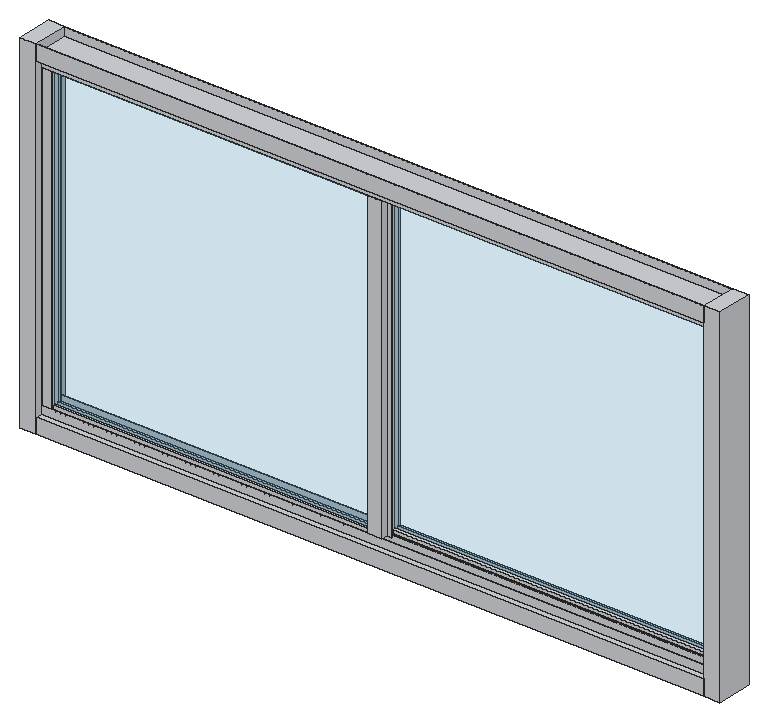
Revit family "MT-VMS_DB-SG_XX", category Windows, host Wall, Revit 2017 (continued)
Definition of nested family "VMS_DB-SG_OX_76mm"
  Definition of nested family "VMS_DB-SG_GLAZED PANEL"
    Definition of nested family "VMS_VM66_SILL DETAIL_FINE"
      Lines and regions (mm)
        model lines, in view "Ref. Level"
          curve 123: line (2.889, 26.412, 0) -> (3.233, 26.412, 0)
          curve 124: line (3.423, 26.672, 0) -> (3.121, 27.632, 0)
          curve 125: line (2.739, 27.912, 0) -> (0.8, 27.912, 0)
          curve 126: line (0, 27.112, 0) -> (0, 25.735, 0)
          curve 127: line (0, 13.679, 0) -> (0, 5.9, 0)
          curve 128: line (0.8, 5.9, 0) -> (0.8, 6.8, 0)
          curve 129: line (0.8, 6.8, 0) -> (2.1, 6.8, 0)
          curve 130: line (2.1, 6.8, 0) -> (2.1, 1.2, 0)
          curve 131: line (2.1, 1.2, 0) -> (0.8, 1.2, 0)
          curve 132: line (0.8, 1.2, 0) -> (0.8, 2.1, 0)
          curve 133: line (0, 2.1, 0) -> (0, 0.5, 0)
          curve 134: line (0.5, 0, 0) -> (3, 0, 0)
          curve 135: line (3.3, 0.3, 0) -> (3.3, 4.7, 0)
          curve 136: line (3.6, 5, 0) -> (10.176, 5, 0)
          curve 137: line (10.476, 4.7, 0) -> (10.476, 3.6, 0)
          curve 138: line (10.176, 3.3, 0) -> (9.692, 3.3, 0)
          curve 139: line (9.392, 3, 0) -> (9.392, 1.5, 0)
          curve 140: line (9.092, 1.2, 0) -> (7.692, 1.2, 0)
          curve 141: line (7.392, 0.9, 0) -> (7.392, 0.3, 0)
          curve 142: line (7.692, 0, 0) -> (11.548, 0, 0)
          curve 143: line (13.065, 4.124, 0) -> (12.513, 3.976, 0)
          curve 144: line (12.513, 3.976, 0) -> (12.365, 4.529, 0)
          curve 145: line (11.996, 5.14, 0) -> (11.576, 5.6, 0)
          curve 146: line (11.576, 5.6, 0) -> (11.996, 6.06, 0)
          curve 147: line (11.992, 7.426, 0) -> (11.154, 7.426, 0)
          curve 148: line (10.261, 6.2, 0) -> (3.6, 6.2, 0)
          curve 149: line (3.3, 6.5, 0) -> (3.3, 8, 0)
          curve 150: line (3.1, 8.2, 0) -> (1.4, 8.2, 0)
          curve 151: line (1.2, 8.4, 0) -> (1.2, 12.312, 0)
          curve 152: line (1.4, 12.512, 0) -> (25.5, 12.512, 0)
          curve 153: line (25.7, 12.312, 0) -> (25.7, 8.4, 0)
          curve 154: line (25.5, 8.2, 0) -> (23.8, 8.2, 0)
          curve 155: line (23.6, 8, 0) -> (23.6, 6.5, 0)
          curve 156: line (23.3, 6.2, 0) -> (16.639, 6.2, 0)
          curve 157: line (15.746, 7.426, 0) -> (14.908, 7.426, 0)
          curve 158: line (14.904, 6.06, 0) -> (15.324, 5.6, 0)
          curve 159: line (15.324, 5.6, 0) -> (14.904, 5.14, 0)
          curve 160: line (14.535, 4.529, 0) -> (14.387, 3.976, 0)
          curve 161: line (14.387, 3.976, 0) -> (13.835, 4.124, 0)
    Definition of nested family "VMS_VM66_SILL DETAIL_MEDIUM"
      Reference planes
        plane 1 "Center (Front/Back)": y = 0
        plane 2: z = 0
        plane 3 "Center (Left/Right)": x = 0
      Lines and regions (mm)
        model lines, in view "Ref. Level"
          curve 1: line (1.2, 5, 0) -> (25.7, 5, 0)
          curve 2: line (0, 0, 0) -> (26.9, 0, 0)
          curve 3: line (25.7, 1.2, 0) -> (1.2, 1.2, 0)
          curve 4: line (26.9, 0, 0) -> (26.9, 27.912, 0)
          curve 5: line (26.9, 27.912, 0) -> (25.7, 27.912, 0)
          curve 6: line (25.7, 13.912, 0) -> (1.2, 13.912, 0)
          curve 7: line (1.2, 27.912, 0) -> (0, 27.912, 0)
          curve 8: line (0, 27.112, 0) -> (0, 25.735, 0)
          curve 9: line (0, 27.912, 0) -> (0, 0, 0)
          curve 10: line (1.2, 1.2, 0) -> (1.2, 5, 0)
          curve 11: line (1.2, 12.512, 0) -> (25.7, 12.512, 0)
          curve 12: line (25.7, 27.912, 0) -> (25.7, 13.912, 0)
          curve 13: line (25.7, 6.2, 0) -> (1.2, 6.2, 0)
          curve 14: line (1.2, 13.912, 0) -> (1.2, 27.912, 0)
          curve 15: line (25.7, 12.512, 0) -> (25.7, 6.2, 0)
          curve 16: line (25.7, 5, 0) -> (25.7, 1.2, 0)
          curve 17: line (1.2, 6.2, 0) -> (1.2, 12.512, 0)
  Definition of nested family "VMS_VM11_SILL DETAIL_FINE"
    Reference planes
      plane 1 "Center (Front/Back)": y = 0
      plane 2: z = 0
      plane 3 "Center (Left/Right)": x = 0
    Lines and regions (mm)
      model lines, in view "Ref. Level"
        curve 1: arc (-6.776, -5.512, 0) -> (-6.841, -5.609, 0) -> (-6.864, -5.724, 0) r 0.3
        curve 2: arc (-5.466, -8.225, 0) -> (-5.192, -8.5, 0) -> (-4.817, -8.6, 0) r 0.75
        curve 3: arc (-4.817, -8.6, 0) -> (-4.167, -8.225, 0) -> (-4.167, -7.475, 0) r 0.75
        curve 4: arc (-4.864, -2.2, 0) -> (-4.571, -1.493, 0) -> (-3.864, -1.2, 0) r 1
        curve 5: arc (5.464, -1.2, 0) -> (6.171, -1.493, 0) -> (6.464, -2.2, 0) r 1
        curve 6: arc (5.767, -7.475, 0) -> (5.767, -8.225, 0) -> (6.417, -8.6, 0) r 0.75
        curve 7: arc (6.417, -8.6, 0) -> (6.792, -8.5, 0) -> (7.066, -8.225, 0) r 0.75
        curve 8: arc (8.464, -5.724, 0) -> (8.441, -5.609, 0) -> (8.376, -5.512, 0) r 0.3
        curve 9: arc (8.864, -2.1, 0) -> (8.951, -2.312, 0) -> (9.164, -2.4, 0) r 0.3
        curve 10: arc (9.55, -2.4, 0) -> (9.904, -2.254, 0) -> (10.05, -1.9, 0) r 0.5
        curve 11: arc (33.2, 0, 0) -> (33.412, 0.088, 0) -> (33.5, 0.3, 0) r 0.3
        curve 12: arc (33.5, 29.412, 0) -> (33.412, 29.624, 0) -> (33.2, 29.712, 0) r 0.3
        curve 13: arc (31.8, 29.712, 0) -> (31.588, 29.624, 0) -> (31.5, 29.412, 0) r 0.3
        curve 14: arc (31.5, 2.1, 0) -> (31.412, 1.888, 0) -> (31.2, 1.8, 0) r 0.3
        curve 15: arc (8.85, 1.8, 0) -> (8.638, 1.712, 0) -> (8.55, 1.5, 0) r 0.3
        curve 16: arc (8.55, 0.3, 0) -> (8.462, 0.088, 0) -> (8.25, 0, 0) r 0.3
        curve 17: arc (1.9, 0, 0) -> (1.688, 0.088, 0) -> (1.6, 0.3, 0) r 0.3
        curve 18: arc (1.6, 29.412, 0) -> (1.512, 29.624, 0) -> (1.3, 29.712, 0) r 0.3
        curve 19: arc (0.3, 29.712, 0) -> (0.088, 29.624, 0) -> (0, 29.412, 0) r 0.3
        curve 20: arc (0, 0.3, 0) -> (-0.088, 0.088, 0) -> (-0.3, 0, 0) r 0.3
        curve 21: arc (-8.15, 0, 0) -> (-8.362, -0.088, 0) -> (-8.45, -0.3, 0) r 0.3
        curve 22: arc (-8.45, -1.9, 0) -> (-8.304, -2.254, 0) -> (-7.95, -2.4, 0) r 0.5
        curve 23: arc (-7.564, -2.4, 0) -> (-7.351, -2.312, 0) -> (-7.264, -2.1, 0) r 0.3
        curve 24: line (-7.264, -2.1, 0) -> (-7.264, -1.5, 0)
        curve 25: line (-7.264, -1.5, 0) -> (-6.364, -1.5, 0)
        curve 26: line (-6.364, -1.5, 0) -> (-6.364, -5.1, 0)
        curve 27: line (-6.364, -5.1, 0) -> (-6.776, -5.512, 0)
        curve 28: line (-6.823, -5.874, 0) -> (-5.466, -8.225, 0)
        curve 29: line (-4.167, -7.475, 0) -> (-4.864, -6.269, 0)
        curve 30: line (-4.864, -6.269, 0) -> (-4.864, -2.2, 0)
        curve 31: line (-3.864, -1.2, 0) -> (5.464, -1.2, 0)
        curve 32: line (6.464, -2.2, 0) -> (6.464, -6.269, 0)
        curve 33: line (6.464, -6.269, 0) -> (5.767, -7.475, 0)
        curve 34: line (7.066, -8.225, 0) -> (8.423, -5.874, 0)
        curve 35: line (8.376, -5.512, 0) -> (7.964, -5.1, 0)
        curve 36: line (7.964, -5.1, 0) -> (7.964, -1.2, 0)
        curve 37: line (7.964, -1.2, 0) -> (8.864, -1.2, 0)
        curve 38: line (8.864, -1.2, 0) -> (8.864, -2.1, 0)
        curve 39: line (9.164, -2.4, 0) -> (9.55, -2.4, 0)
        curve 40: line (10.05, -1.9, 0) -> (10.05, 0, 0)
        curve 41: line (10.05, 0, 0) -> (33.2, 0, 0)
        curve 42: line (33.5, 0.3, 0) -> (33.5, 29.412, 0)
        curve 43: line (33.2, 29.712, 0) -> (31.8, 29.712, 0)
        curve 44: line (31.5, 29.412, 0) -> (31.5, 2.1, 0)
        curve 45: line (31.2, 1.8, 0) -> (8.85, 1.8, 0)
        curve 46: line (8.55, 1.5, 0) -> (8.55, 0.3, 0)
        curve 47: line (8.25, 0, 0) -> (1.9, 0, 0)
        curve 48: line (1.6, 0.3, 0) -> (1.6, 29.412, 0)
        curve 49: line (1.3, 29.712, 0) -> (0.3, 29.712, 0)
        curve 50: line (0, 29.412, 0) -> (0, 0.3, 0)
        curve 51: line (-0.3, 0, 0) -> (-8.15, 0, 0)
        curve 52: line (-8.45, -0.3, 0) -> (-8.45, -1.9, 0)
        curve 53: line (-7.95, -2.4, 0) -> (-7.564, -2.4, 0)
  Definition of nested family "MAIN FRAME 76MM_MEDIUM"
    Reference planes
      plane 1 "Center (Front/Back)": y = 0
      plane 2: z = 0
      plane 3 "Center (Left/Right)": x = 0
    Lines and regions (mm)
      detail lines, in view "Ref. Level"
        curve 1: line (0, 0, 0) -> (35, 0, 0)
        curve 2: line (35, 0, 0) -> (35, -76, 0)
        curve 3: line (35, -76, 0) -> (0, -76, 0)
        curve 4: line (0, 0, 0) -> (0, -1.8, 0)
        curve 5: line (0, -1.8, 0) -> (33.2, -1.8, 0)
        curve 6: line (33.2, -74.2, 0) -> (33.2, -1.8, 0)
        curve 7: line (0, -74.2, 0) -> (33.2, -74.2, 0)
        curve 8: line (0, -74.2, 0) -> (0, -76, 0)
  Definition of nested family "AS1C CAVITY MAIN FRAME"
    Reference planes
      plane 1 "Center (Front/Back)": y = 0
      plane 2: z = 0
      plane 3 "Center (Left/Right)": x = 0
    Lines and regions (mm)
      detail lines, in view "Ref. Level"
        curve 1: arc (-35, -73.2, 0) -> (-34.922, -73.041, 0) -> (-34.748, -73.007, 0) r 0.2
        curve 2: arc (-33.3, -70.8, 0) -> (-32.55, -70.05, 0) -> (-31.8, -70.8, 0) r 0.75
        curve 3: arc (-1.5, -66.578, 0) -> (-1.654, -66.316, 0) -> (-1.957, -66.322, 0) r 0.3
        curve 4: arc (-1.957, -66.322, 0) -> (-4.423, -66.877, 0) -> (-6.71, -65.804, 0) r 3.9
        curve 5: arc (-6.71, -65.804, 0) -> (-6.731, -64.567, 0) -> (-5.494, -64.546, 0) r 0.875
        curve 6: arc (-5.494, -64.546, 0) -> (-3.836, -65.144, 0) -> (-2.288, -64.3, 0) r 2.15
        curve 7: arc (-2.288, -61.7, 0) -> (-3.836, -60.856, 0) -> (-5.494, -61.454, 0) r 2.15
        curve 8: arc (-5.494, -61.454, 0) -> (-6.731, -61.433, 0) -> (-6.71, -60.196, 0) r 0.875
        curve 9: arc (-6.71, -60.196, 0) -> (-4.423, -59.123, 0) -> (-1.957, -59.678, 0) r 3.9
        curve 10: arc (-1.957, -59.678, 0) -> (-1.654, -59.684, 0) -> (-1.5, -59.422, 0) r 0.3
        curve 11: arc (-1.5, -53.73, 0) -> (-1.851, -52.695, 0) -> (-2.76, -52.088, 0) r 1.7
        curve 12: arc (-18.84, -47.78, 0) -> (-19.749, -47.172, 0) -> (-20.1, -46.138, 0) r 1.7
        curve 13: arc (-20.1, -29.862, 0) -> (-19.749, -28.827, 0) -> (-18.84, -28.22, 0) r 1.7
        curve 14: arc (-2.76, -23.912, 0) -> (-1.851, -23.304, 0) -> (-1.5, -22.27, 0) r 1.7
        curve 15: arc (-1.5, -16.578, 0) -> (-1.654, -16.316, 0) -> (-1.957, -16.322, 0) r 0.3
        curve 16: arc (-1.957, -16.322, 0) -> (-4.423, -16.877, 0) -> (-6.71, -15.804, 0) r 3.9
        curve 17: arc (-6.71, -15.804, 0) -> (-6.731, -14.567, 0) -> (-5.494, -14.546, 0) r 0.875
        curve 18: arc (-5.494, -14.546, 0) -> (-3.836, -15.144, 0) -> (-2.288, -14.3, 0) r 2.15
        curve 19: arc (-2.288, -11.7, 0) -> (-3.836, -10.856, 0) -> (-5.494, -11.454, 0) r 2.15
        curve 20: arc (-5.494, -11.454, 0) -> (-6.731, -11.433, 0) -> (-6.71, -10.196, 0) r 0.875
        curve 21: arc (-6.71, -10.196, 0) -> (-4.423, -9.123, 0) -> (-1.957, -9.678, 0) r 3.9
        curve 22: arc (-1.957, -9.678, 0) -> (-1.654, -9.684, 0) -> (-1.5, -9.422, 0) r 0.3
        curve 23: arc (-31.8, -5.2, 0) -> (-32.55, -5.95, 0) -> (-33.3, -5.2, 0) r 0.75
        curve 24: arc (-34.748, -2.993, 0) -> (-34.922, -2.959, 0) -> (-35, -2.8, 0) r 0.2
        curve 25: arc (-35, -0.4, 0) -> (-34.883, -0.117, 0) -> (-34.6, 0, 0) r 0.4
        curve 26: arc (-0.4, 0, 0) -> (-0.117, -0.117, 0) -> (0, -0.4, 0) r 0.4
        curve 27: arc (0, -28.2, 0) -> (-0.117, -28.483, 0) -> (-0.4, -28.6, 0) r 0.4
        curve 28: arc (-2.4, -29.868, 0) -> (-2.483, -30.111, 0) -> (-2.696, -30.254, 0) r 0.4
        curve 29: arc (-4.496, -30.736, 0) -> (-4.895, -30.62, 0) -> (-4.976, -30.213, 0) r 0.4
        curve 30: arc (-3.605, -26.446, 0) -> (-3.686, -26.039, 0) -> (-4.084, -25.923, 0) r 0.4
        curve 31: arc (-10.184, -27.557, 0) -> (-10.372, -27.709, 0) -> (-10.388, -27.95, 0) r 0.3
        curve 32: arc (-9.417, -30.619, 0) -> (-9.417, -30.755, 0) -> (-9.504, -30.86, 0) r 0.2
        curve 33: arc (-9.7, -30.973, 0) -> (-9.9, -30.973, 0) -> (-10, -30.8, 0) r 0.2
        curve 34: arc (-10, -30.747, 0) -> (-10.059, -30.606, 0) -> (-10.2, -30.547, 0) r 0.2
        curve 35: arc (-11.438, -30.547, 0) -> (-11.528, -30.526, 0) -> (-11.599, -30.466, 0) r 0.2
        curve 36: arc (-11.599, -30.466, 0) -> (-11.806, -30.087, 0) -> (-11.9, -29.664, 0) r 1.549
        curve 37: arc (-11.9, -28.408, 0) -> (-12.017, -28.17, 0) -> (-12.278, -28.118, 0) r 0.3
        curve 38: arc (-12.278, -47.882, 0) -> (-12.017, -47.83, 0) -> (-11.9, -47.592, 0) r 0.3
        curve 39: arc (-11.9, -46.336, 0) -> (-11.806, -45.913, 0) -> (-11.599, -45.533, 0) r 1.549
        curve 40: arc (-11.599, -45.533, 0) -> (-11.528, -45.474, 0) -> (-11.438, -45.453, 0) r 0.2
        curve 41: arc (-10.2, -45.453, 0) -> (-10.059, -45.394, 0) -> (-10, -45.253, 0) r 0.2
        curve 42: arc (-10, -45.2, 0) -> (-9.9, -45.027, 0) -> (-9.7, -45.027, 0) r 0.2
        curve 43: arc (-9.504, -45.14, 0) -> (-9.417, -45.244, 0) -> (-9.417, -45.381, 0) r 0.2
        curve 44: arc (-10.388, -48.05, 0) -> (-10.372, -48.291, 0) -> (-10.184, -48.443, 0) r 0.3
        curve 45: arc (-4.084, -50.077, 0) -> (-3.686, -49.961, 0) -> (-3.605, -49.554, 0) r 0.4
        curve 46: arc (-4.976, -45.787, 0) -> (-4.895, -45.38, 0) -> (-4.496, -45.264, 0) r 0.4
        curve 47: arc (-2.696, -45.746, 0) -> (-2.483, -45.889, 0) -> (-2.4, -46.132, 0) r 0.4
        curve 48: arc (-0.4, -47.4, 0) -> (-0.117, -47.517, 0) -> (0, -47.8, 0) r 0.4
        curve 49: arc (0, -75.6, 0) -> (-0.117, -75.883, 0) -> (-0.4, -76, 0) r 0.4
        curve 50: arc (-34.6, -76, 0) -> (-34.883, -75.883, 0) -> (-35, -75.6, 0) r 0.4
        curve 51: line (-34.748, -73.007, 0) -> (-33.3, -73.395, 0)
        curve 52: line (-33.3, -73.395, 0) -> (-33.3, -70.8, 0)
        curve 53: line (-31.8, -70.8, 0) -> (-31.8, -74.5, 0)
        curve 54: line (-31.8, -74.5, 0) -> (-1.5, -74.5, 0)
        curve 55: line (-1.5, -74.5, 0) -> (-1.5, -66.578, 0)
        curve 56: line (-2.288, -64.3, 0) -> (-1.5, -64.3, 0)
        curve 57: line (-1.5, -64.3, 0) -> (-1.5, -63, 0)
        curve 58: line (-1.5, -63, 0) -> (-1.5, -61.7, 0)
        curve 59: line (-1.5, -61.7, 0) -> (-2.288, -61.7, 0)
        curve 60: line (-1.5, -59.422, 0) -> (-1.5, -53.73, 0)
        curve 61: line (-2.76, -52.088, 0) -> (-18.84, -47.78, 0)
        curve 62: line (-20.1, -46.138, 0) -> (-20.1, -29.862, 0)
        curve 63: line (-18.84, -28.22, 0) -> (-2.76, -23.912, 0)
        curve 64: line (-1.5, -22.27, 0) -> (-1.5, -16.578, 0)
        curve 65: line (-2.288, -14.3, 0) -> (-1.5, -14.3, 0)
        curve 66: line (-1.5, -14.3, 0) -> (-1.5, -13, 0)
        curve 67: line (-1.5, -13, 0) -> (-1.5, -11.7, 0)
        curve 68: line (-1.5, -11.7, 0) -> (-2.288, -11.7, 0)
        curve 69: line (-1.5, -9.422, 0) -> (-1.5, -1.5, 0)
        curve 70: line (-1.5, -1.5, 0) -> (-31.8, -1.5, 0)
        curve 71: line (-31.8, -1.5, 0) -> (-31.8, -5.2, 0)
        curve 72: line (-33.3, -5.2, 0) -> (-33.3, -2.605, 0)
        curve 73: line (-33.3, -2.605, 0) -> (-34.748, -2.993, 0)
        curve 74: line (-35, -2.8, 0) -> (-35, -0.4, 0)
        curve 75: line (-34.6, 0, 0) -> (-0.4, 0, 0)
        curve 76: line (0, -0.4, 0) -> (0, -28.2, 0)
        curve 77: line (-0.4, -28.6, 0) -> (-2.4, -28.6, 0)
        curve 78: line (-2.4, -28.6, 0) -> (-2.4, -29.868, 0)
        curve 79: line (-2.696, -30.254, 0) -> (-4.496, -30.736, 0)
        curve 80: line (-4.976, -30.213, 0) -> (-3.605, -26.446, 0)
        curve 81: line (-4.084, -25.923, 0) -> (-10.184, -27.557, 0)
        curve 82: line (-10.388, -27.95, 0) -> (-9.417, -30.619, 0)
        curve 83: line (-9.504, -30.86, 0) -> (-9.7, -30.973, 0)
        curve 84: line (-10.2, -30.547, 0) -> (-11.438, -30.547, 0)
        curve 85: line (-11.9, -29.664, 0) -> (-11.9, -28.408, 0)
        curve 86: line (-12.278, -28.118, 0) -> (-18.5, -29.786, 0)
        curve 87: line (-18.5, -29.786, 0) -> (-18.5, -46.214, 0)
        curve 88: line (-18.5, -46.214, 0) -> (-12.278, -47.882, 0)
        curve 89: line (-11.9, -47.592, 0) -> (-11.9, -46.336, 0)
        curve 90: line (-11.438, -45.453, 0) -> (-10.2, -45.453, 0)
        curve 91: line (-9.7, -45.027, 0) -> (-9.504, -45.14, 0)
        curve 92: line (-9.417, -45.381, 0) -> (-10.388, -48.05, 0)
        curve 93: line (-10.184, -48.443, 0) -> (-4.084, -50.077, 0)
        curve 94: line (-3.605, -49.554, 0) -> (-4.976, -45.787, 0)
        curve 95: line (-4.496, -45.264, 0) -> (-2.696, -45.746, 0)
        curve 96: line (-2.4, -46.132, 0) -> (-2.4, -47.4, 0)
        curve 97: line (-2.4, -47.4, 0) -> (-0.4, -47.4, 0)
        curve 98: line (0, -47.8, 0) -> (0, -75.6, 0)
        curve 99: line (-0.4, -76, 0) -> (-34.6, -76, 0)
        curve 100: line (-35, -75.6, 0) -> (-35, -73.2, 0)
  Definition of nested family "VMS_VM8_HEAD DETAIL_MEDIUM"
    Reference planes
      plane 1 "Center (Front/Back)": y = 0
      plane 2: z = 0
      plane 3 "Center (Left/Right)": x = 0
    Lines and regions (mm)
      detail lines, in view "Ref. Level"
        curve 1: line (0, 0, 0) -> (0, -35, 0)
        curve 2: line (1.5, -14.5, 0) -> (74.5, -14.5, 0)
        curve 3: line (74.5, -14.5, 0) -> (74.5, 0, 0)
        curve 4: line (0, 0, 0) -> (1.5, 0, 0)
        curve 5: line (76, 0, 0) -> (76, -35, 0)
        curve 6: line (76, -35, 0) -> (70.5, -35, 0)
        curve 7: line (70.5, -35, 0) -> (70.5, -59, 0)
        curve 8: line (68.7, -59, 0) -> (68.7, -33.2, 0)
        curve 9: line (68.7, -33.2, 0) -> (74.2, -33.2, 0)
        curve 10: line (74.2, -33.2, 0) -> (74.2, -16.1, 0)
        curve 11: line (74.2, -16.1, 0) -> (38.8, -16.1, 0)
        curve 12: line (38.8, -16.1, 0) -> (38.8, -59, 0)
        curve 13: line (70.5, -59, 0) -> (68.7, -59, 0)
        curve 14: line (37.2, -59, 0) -> (37.2, -16.1, 0)
        curve 15: line (1.8, -16.1, 0) -> (1.8, -33.2, 0)
        curve 16: line (1.8, -33.2, 0) -> (7.3, -33.2, 0)
        curve 17: line (7.3, -33.2, 0) -> (7.3, -59, 0)
        curve 18: line (7.3, -59, 0) -> (5.5, -59, 0)
        curve 19: line (5.5, -59, 0) -> (5.5, -35, 0)
        curve 20: line (5.5, -35, 0) -> (0, -35, 0)
        curve 21: line (1.5, 0, 0) -> (1.5, -14.5, 0)
        curve 22: line (74.5, 0, 0) -> (76, 0, 0)
        curve 23: line (38.8, -59, 0) -> (37.2, -59, 0)
        curve 24: line (37.2, -16.1, 0) -> (1.8, -16.1, 0)
  Definition of nested family "VMS_VM8_HEAD DETAIL_FINE"
    Reference planes
      plane 1 "Center (Front/Back)": y = 0
      plane 2: z = 0
      plane 3 "Center (Left/Right)": x = 0
    Lines and regions (mm)
      model lines, in view "Ref. Level"
        curve 1: arc (9.146, -8.957, 0) -> (9.504, -8.091, 0) -> (10.37, -7.732, 0) r 1.224
        curve 2: arc (10.877, -7.732, 0) -> (11.54, -8.402, 0) -> (11.326, -9.319, 0) r 0.974
        curve 3: arc (11.326, -9.319, 0) -> (11.131, -9.63, 0) -> (10.993, -9.97, 0) r 2.1
        curve 4: arc (10.993, -11.204, 0) -> (11.181, -11.637, 0) -> (11.462, -12.017, 0) r 2.1
        curve 5: arc (12.531, -12.634, 0) -> (13, -12.687, 0) -> (13.469, -12.634, 0) r 2.1
        curve 6: arc (14.538, -12.017, 0) -> (14.819, -11.637, 0) -> (15.007, -11.204, 0) r 2.1
        curve 7: arc (15.007, -9.97, 0) -> (14.869, -9.63, 0) -> (14.674, -9.319, 0) r 2.1
        curve 8: arc (14.674, -9.319, 0) -> (14.46, -8.402, 0) -> (15.123, -7.732, 0) r 0.974
        curve 9: arc (15.63, -7.732, 0) -> (16.496, -8.091, 0) -> (16.854, -8.957, 0) r 1.224
        curve 10: arc (16.854, -11.635, 0) -> (16.306, -12.829, 0) -> (15.399, -13.78, 0) r 3.994
        curve 11: arc (15.399, -13.78, 0) -> (15.26, -14.227, 0) -> (15.64, -14.5, 0) r 0.4
        curve 12: arc (60.746, -14.5, 0) -> (61.007, -14.348, 0) -> (61.003, -14.046, 0) r 0.3
        curve 13: arc (61.003, -14.046, 0) -> (59.836, -13.025, 0) -> (59.146, -11.635, 0) r 3.994
        curve 14: arc (59.146, -8.957, 0) -> (59.504, -8.091, 0) -> (60.37, -7.732, 0) r 1.224
        curve 15: arc (60.868, -7.732, 0) -> (61.514, -8.349, 0) -> (61.394, -9.234, 0) r 0.982
        curve 16: arc (61.394, -9.234, 0) -> (61.156, -9.581, 0) -> (60.993, -9.97, 0) r 2.1
        curve 17: arc (60.993, -11.204, 0) -> (61.181, -11.637, 0) -> (61.462, -12.017, 0) r 2.1
        curve 18: arc (62.531, -12.634, 0) -> (63, -12.687, 0) -> (63.469, -12.634, 0) r 2.1
        curve 19: arc (64.538, -12.017, 0) -> (64.819, -11.637, 0) -> (65.007, -11.204, 0) r 2.1
        curve 20: arc (65.007, -9.97, 0) -> (64.843, -9.58, 0) -> (64.603, -9.23, 0) r 2.1
        curve 21: arc (64.603, -9.23, 0) -> (64.477, -8.348, 0) -> (65.123, -7.732, 0) r 0.974
        curve 22: arc (65.63, -7.732, 0) -> (66.496, -8.091, 0) -> (66.854, -8.957, 0) r 1.224
        curve 23: arc (66.854, -11.635, 0) -> (66.306, -12.829, 0) -> (65.399, -13.78, 0) r 3.994
        curve 24: arc (65.399, -13.78, 0) -> (65.26, -14.227, 0) -> (65.64, -14.5, 0) r 0.4
        curve 25: arc (70.8, -3.2, 0) -> (70.05, -2.45, 0) -> (70.8, -1.7, 0) r 0.75
        curve 26: arc (73.007, -0.252, 0) -> (73.041, -0.078, 0) -> (73.2, 0, 0) r 0.2
        curve 27: arc (75.6, 0, 0) -> (75.883, -0.117, 0) -> (76, -0.4, 0) r 0.4
        curve 28: arc (76, -34.7, 0) -> (75.912, -34.912, 0) -> (75.7, -35, 0) r 0.3
        curve 29: arc (70.8, -35, 0) -> (70.588, -35.088, 0) -> (70.5, -35.3, 0) r 0.3
        curve 30: arc (70.5, -58.7, 0) -> (70.412, -58.912, 0) -> (70.2, -59, 0) r 0.3
        curve 31: arc (69, -59, 0) -> (68.788, -58.912, 0) -> (68.7, -58.7, 0) r 0.3
        curve 32: arc (68.7, -33.5, 0) -> (68.788, -33.288, 0) -> (69, -33.2, 0) r 0.3
        curve 33: arc (73.9, -33.2, 0) -> (74.112, -33.112, 0) -> (74.2, -32.9, 0) r 0.3
        curve 34: arc (74.2, -17.1, 0) -> (73.907, -16.393, 0) -> (73.2, -16.1, 0) r 1
        curve 35: arc (39.8, -16.1, 0) -> (39.093, -16.393, 0) -> (38.8, -17.1, 0) r 1
        curve 36: arc (38.8, -58.7, 0) -> (38.712, -58.912, 0) -> (38.5, -59, 0) r 0.3
        curve 37: arc (37.5, -59, 0) -> (37.288, -58.912, 0) -> (37.2, -58.7, 0) r 0.3
        curve 38: arc (37.2, -17.1, 0) -> (36.907, -16.393, 0) -> (36.2, -16.1, 0) r 1
        curve 39: arc (2.8, -16.1, 0) -> (2.093, -16.393, 0) -> (1.8, -17.1, 0) r 1
        curve 40: arc (1.8, -32.9, 0) -> (1.888, -33.112, 0) -> (2.1, -33.2, 0) r 0.3
        curve 41: arc (7, -33.2, 0) -> (7.212, -33.288, 0) -> (7.3, -33.5, 0) r 0.3
        curve 42: arc (7.3, -58.7, 0) -> (7.212, -58.912, 0) -> (7, -59, 0) r 0.3
        curve 43: arc (5.8, -59, 0) -> (5.588, -58.912, 0) -> (5.5, -58.7, 0) r 0.3
        curve 44: arc (5.5, -35.3, 0) -> (5.412, -35.088, 0) -> (5.2, -35, 0) r 0.3
        curve 45: arc (0.3, -35, 0) -> (0.088, -34.912, 0) -> (0, -34.7, 0) r 0.3
        curve 46: arc (0, -0.4, 0) -> (0.117, -0.117, 0) -> (0.4, 0, 0) r 0.4
        curve 47: arc (2.8, 0, 0) -> (2.959, -0.078, 0) -> (2.993, -0.252, 0) r 0.2
        curve 48: arc (5.2, -1.7, 0) -> (5.95, -2.45, 0) -> (5.2, -3.2, 0) r 0.75
        curve 49: line (9.146, -11.635, 0) -> (9.146, -8.957, 0)
        curve 50: line (10.37, -7.732, 0) -> (10.877, -7.732, 0)
        curve 51: line (10.993, -9.97, 0) -> (10.376, -10.587, 0)
        curve 52: line (10.376, -10.587, 0) -> (10.993, -11.204, 0)
        curve 53: line (11.462, -12.017, 0) -> (11.688, -12.859, 0)
        curve 54: line (11.688, -12.859, 0) -> (12.531, -12.634, 0)
        curve 55: line (13.469, -12.634, 0) -> (14.312, -12.859, 0)
        curve 56: line (14.312, -12.859, 0) -> (14.538, -12.017, 0)
        curve 57: line (15.007, -11.204, 0) -> (15.624, -10.587, 0)
        curve 58: line (15.624, -10.587, 0) -> (15.007, -9.97, 0)
        curve 59: line (15.123, -7.732, 0) -> (15.63, -7.732, 0)
        curve 60: line (16.854, -8.957, 0) -> (16.854, -11.635, 0)
        curve 61: line (15.64, -14.5, 0) -> (60.746, -14.5, 0)
        curve 62: line (59.146, -11.635, 0) -> (59.146, -8.957, 0)
        curve 63: line (60.37, -7.732, 0) -> (60.868, -7.732, 0)
        curve 64: line (60.993, -9.97, 0) -> (60.376, -10.587, 0)
        curve 65: line (60.376, -10.587, 0) -> (60.993, -11.204, 0)
        curve 66: line (61.462, -12.017, 0) -> (61.688, -12.859, 0)
        curve 67: line (61.688, -12.859, 0) -> (62.531, -12.634, 0)
        curve 68: line (63.469, -12.634, 0) -> (64.312, -12.859, 0)
        curve 69: line (64.312, -12.859, 0) -> (64.538, -12.017, 0)
        curve 70: line (65.007, -11.204, 0) -> (65.624, -10.587, 0)
        curve 71: line (65.624, -10.587, 0) -> (65.007, -9.97, 0)
        curve 72: line (65.123, -7.732, 0) -> (65.63, -7.732, 0)
        curve 73: line (66.854, -8.957, 0) -> (66.854, -11.635, 0)
        curve 74: line (65.64, -14.5, 0) -> (74.5, -14.5, 0)
        curve 75: line (74.5, -14.5, 0) -> (74.5, -3.2, 0)
        curve 76: line (74.5, -3.2, 0) -> (70.8, -3.2, 0)
        curve 77: line (70.8, -1.7, 0) -> (73.395, -1.7, 0)
        curve 78: line (73.395, -1.7, 0) -> (73.007, -0.252, 0)
        curve 79: line (73.2, 0, 0) -> (75.6, 0, 0)
        curve 80: line (76, -0.4, 0) -> (76, -34.7, 0)
        curve 81: line (75.7, -35, 0) -> (70.8, -35, 0)
        curve 82: line (70.5, -35.3, 0) -> (70.5, -58.7, 0)
        curve 83: line (70.2, -59, 0) -> (69, -59, 0)
        curve 84: line (68.7, -58.7, 0) -> (68.7, -33.5, 0)
        curve 85: line (69, -33.2, 0) -> (73.9, -33.2, 0)
        curve 86: line (74.2, -32.9, 0) -> (74.2, -17.1, 0)
        curve 87: line (73.2, -16.1, 0) -> (39.8, -16.1, 0)
        curve 88: line (38.8, -17.1, 0) -> (38.8, -58.7, 0)
        curve 89: line (38.5, -59, 0) -> (37.5, -59, 0)
        curve 90: line (37.2, -58.7, 0) -> (37.2, -17.1, 0)
        curve 91: line (36.2, -16.1, 0) -> (2.8, -16.1, 0)
        curve 92: line (1.8, -17.1, 0) -> (1.8, -32.9, 0)
        curve 93: line (2.1, -33.2, 0) -> (7, -33.2, 0)
        curve 94: line (7.3, -33.5, 0) -> (7.3, -58.7, 0)
        curve 95: line (7, -59, 0) -> (5.8, -59, 0)
        curve 96: line (5.5, -58.7, 0) -> (5.5, -35.3, 0)
        curve 97: line (5.2, -35, 0) -> (0.3, -35, 0)
        curve 98: line (0, -34.7, 0) -> (0, -0.4, 0)
        curve 99: line (0.4, 0, 0) -> (2.8, 0, 0)
        curve 100: line (2.993, -0.252, 0) -> (2.605, -1.7, 0)
        curve 101: line (2.605, -1.7, 0) -> (5.2, -1.7, 0)
        curve 102: line (5.2, -3.2, 0) -> (1.5, -3.2, 0)
        curve 103: line (1.5, -3.2, 0) -> (1.5, -14.5, 0)
        curve 104: line (1.5, -14.5, 0) -> (10.36, -14.5, 0)
        curve 105: arc (10.36, -14.5, 0) -> (10.74, -14.227, 0) -> (10.601, -13.78, 0) r 0.4
        curve 106: arc (10.601, -13.78, 0) -> (9.694, -12.829, 0) -> (9.146, -11.635, 0) r 3.994
  Definition of nested family "VMS_VM10_BOT DETAIL_MEDIUM"
    Reference planes
      plane 1 "Center (Front/Back)": y = 0
      plane 2: z = 0
      plane 3 "Center (Left/Right)": x = 0
    Lines and regions (mm)
      detail lines, in view "Ref. Level"
        curve 1: line (70.183, 29.678, 0) -> (74.4, 26.464, 0)
        curve 2: line (74.4, 26.464, 0) -> (74.4, 19.696, 0)
        curve 3: line (74.4, 19.696, 0) -> (36.6, 19.696, 0)
        curve 4: line (36.6, 19.696, 0) -> (36.6, 15.948, 0)
        curve 5: line (36.6, 15.948, 0) -> (1.5, 15.948, 0)
        curve 6: line (1.5, 26.54, 0) -> (5.689, 29.678, 0)
        curve 7: line (5.689, 29.678, 0) -> (70.183, 29.678, 0)
        curve 8: line (1.5, 14.448, 0) -> (38, 14.448, 0)
        curve 9: line (38, 14.448, 0) -> (38, 18.196, 0)
        curve 10: line (38, 18.196, 0) -> (74.4, 18.196, 0)
        curve 11: line (76, 0, 0) -> (76, 27.256, 0)
        curve 12: line (76, 27.256, 0) -> (70.723, 31.278, 0)
        curve 13: line (70.723, 31.278, 0) -> (70.723, 56.143, 0)
        curve 14: line (70.723, 56.143, 0) -> (68.723, 56.143, 0)
        curve 15: line (68.723, 56.143, 0) -> (68.723, 31.278, 0)
        curve 16: line (68.723, 31.278, 0) -> (38.823, 31.278, 0)
        curve 17: line (38.823, 31.278, 0) -> (38.823, 56.143, 0)
        curve 18: line (38.823, 56.143, 0) -> (37.223, 56.143, 0)
        curve 19: line (37.223, 56.143, 0) -> (37.223, 31.278, 0)
        curve 20: line (37.223, 31.278, 0) -> (7.323, 31.278, 0)
        curve 21: line (7.323, 31.278, 0) -> (7.323, 56.143, 0)
        curve 22: line (7.323, 56.143, 0) -> (5.323, 56.143, 0)
        curve 23: line (5.323, 56.143, 0) -> (5.323, 31.278, 0)
        curve 24: line (5.323, 31.278, 0) -> (0, 27.291, 0)
        curve 25: line (0, 27.291, 0) -> (0, 0, 0)
        curve 26: line (0, 0, 0) -> (1.5, 0, 0)
        curve 27: line (1.5, 0, 0) -> (1.5, 14.448, 0)
        curve 28: line (1.5, 15.948, 0) -> (1.5, 26.54, 0)
        curve 29: line (76, 0, 0) -> (74.4, 0, 0)
        curve 30: line (74.4, 18.196, 0) -> (74.4, 0, 0)
  Definition of nested family "VMS_VM10_BOT DETAIL_FINE"
    Reference planes
      plane 1 "Center (Front/Back)": y = 0
      plane 2: z = 0
      plane 3 "Center (Left/Right)": x = 0
    Lines and regions (mm)
      model lines, in view "Ref. Level"
        curve 1: arc (69.913, 29.678, 0) -> (70.169, 29.636, 0) -> (70.398, 29.515, 0) r 0.8
        curve 2: arc (74.243, 26.584, 0) -> (74.359, 26.443, 0) -> (74.4, 26.265, 0) r 0.4
        curve 3: arc (74.4, 19.995, 0) -> (74.312, 19.784, 0) -> (74.1, 19.696, 0) r 0.3
        curve 4: arc (36.461, 19.709, 0) -> (36.168, 19.595, 0) -> (36.048, 19.303, 0) r 0.4
        curve 5: arc (36.048, 19.303, 0) -> (36.163, 19.016, 0) -> (36.448, 18.896, 0) r 0.4
        curve 6: arc (36.6, 16.448, 0) -> (36.454, 16.095, 0) -> (36.1, 15.948, 0) r 0.5
        curve 7: arc (5.763, 22.386, 0) -> (5.704, 22.528, 0) -> (5.563, 22.586, 0) r 0.2
        curve 8: arc (5.554, 22.586, 0) -> (5.413, 22.645, 0) -> (5.354, 22.786, 0) r 0.2
        curve 9: arc (5.354, 25.256, 0) -> (4.768, 26.67, 0) -> (3.354, 27.256, 0) r 2
        curve 10: arc (3.056, 27.256, 0) -> (2.867, 27.393, 0) -> (2.937, 27.616, 0) r 0.2
        curve 11: arc (5.476, 29.519, 0) -> (5.703, 29.637, 0) -> (5.956, 29.678, 0) r 0.8
        curve 12: arc (19.373, 29.678, 0) -> (19.727, 29.825, 0) -> (19.873, 30.178, 0) r 0.5
        curve 13: arc (19.873, 31.416, 0) -> (19.961, 31.628, 0) -> (20.173, 31.716, 0) r 0.3
        curve 14: arc (24.373, 31.716, 0) -> (24.586, 31.628, 0) -> (24.673, 31.416, 0) r 0.3
        curve 15: arc (24.673, 30.178, 0) -> (24.82, 29.825, 0) -> (25.173, 29.678, 0) r 0.5
        curve 16: arc (32.5, 29.678, 0) -> (32.712, 29.591, 0) -> (32.8, 29.378, 0) r 0.3
        curve 17: arc (32.8, 26.678, 0) -> (33.093, 25.971, 0) -> (33.8, 25.678, 0) r 1
        curve 18: arc (34, 25.678, 0) -> (34.566, 25.913, 0) -> (34.8, 26.478, 0) r 0.8
        curve 19: arc (34.8, 27.36, 0) -> (35.8, 29.978, 0) -> (36.8, 27.36, 0) r 1.5
        curve 20: arc (36.8, 26.478, 0) -> (37.034, 25.913, 0) -> (37.6, 25.678, 0) r 0.8
        curve 21: arc (37.8, 25.678, 0) -> (38.507, 25.971, 0) -> (38.8, 26.678, 0) r 1
        curve 22: arc (38.8, 29.377, 0) -> (38.888, 29.589, 0) -> (39.1, 29.677, 0) r 0.3
        curve 23: arc (50.873, 29.678, 0) -> (51.227, 29.825, 0) -> (51.373, 30.178, 0) r 0.5
        curve 24: arc (51.373, 31.416, 0) -> (51.461, 31.628, 0) -> (51.673, 31.716, 0) r 0.3
        curve 25: arc (55.873, 31.716, 0) -> (56.086, 31.628, 0) -> (56.173, 31.416, 0) r 0.3
        curve 26: arc (56.173, 30.178, 0) -> (56.32, 29.825, 0) -> (56.673, 29.678, 0) r 0.5
        curve 27: arc (13.469, 12.634, 0) -> (13, 12.687, 0) -> (12.531, 12.634, 0) r 2.1
        curve 28: arc (15.007, 11.204, 0) -> (14.819, 11.637, 0) -> (14.538, 12.017, 0) r 2.1
        curve 29: arc (14.603, 9.23, 0) -> (14.843, 9.58, 0) -> (15.007, 9.97, 0) r 2.1
        curve 30: arc (14.603, 9.23, 0) -> (14.477, 8.348, 0) -> (15.123, 7.732, 0) r 0.974
        curve 31: arc (15.63, 7.732, 0) -> (16.496, 8.091, 0) -> (16.854, 8.957, 0) r 1.224
        curve 32: arc (16.854, 11.635, 0) -> (16.147, 13.047, 0) -> (14.948, 14.074, 0) r 3.994
        curve 33: arc (15.046, 14.448, 0) -> (14.852, 14.299, 0) -> (14.948, 14.074, 0) r 0.2
        curve 34: arc (37.5, 14.448, 0) -> (37.854, 14.595, 0) -> (38, 14.948, 0) r 0.5
        curve 35: arc (38.3, 18.196, 0) -> (38.088, 18.109, 0) -> (38, 17.896, 0) r 0.3
        curve 36: arc (62.25, 17.896, 0) -> (62.162, 18.109, 0) -> (61.95, 18.196, 0) r 0.3
        curve 37: arc (62.25, 14.51, 0) -> (60.286, 13.517, 0) -> (59.146, 11.635, 0) r 3.994
        curve 38: arc (59.146, 8.957, 0) -> (59.504, 8.091, 0) -> (60.37, 7.732, 0) r 1.224
        curve 39: arc (60.868, 7.732, 0) -> (61.514, 8.349, 0) -> (61.394, 9.234, 0) r 0.982
        curve 40: arc (60.993, 9.97, 0) -> (61.156, 9.581, 0) -> (61.394, 9.234, 0) r 2.1
        curve 41: arc (61.462, 12.017, 0) -> (61.181, 11.637, 0) -> (60.993, 11.204, 0) r 2.1
        curve 42: arc (63.469, 12.634, 0) -> (63, 12.687, 0) -> (62.531, 12.634, 0) r 2.1
        curve 43: arc (65.007, 11.204, 0) -> (64.819, 11.637, 0) -> (64.538, 12.017, 0) r 2.1
        curve 44: arc (64.603, 9.23, 0) -> (64.843, 9.58, 0) -> (65.007, 9.97, 0) r 2.1
        curve 45: arc (64.603, 9.23, 0) -> (64.477, 8.348, 0) -> (65.123, 7.732, 0) r 0.974
        curve 46: arc (65.63, 7.732, 0) -> (66.496, 8.091, 0) -> (66.854, 8.957, 0) r 1.224
        curve 47: arc (66.854, 11.635, 0) -> (65.714, 13.517, 0) -> (63.75, 14.51, 0) r 3.994
        curve 48: arc (64.05, 18.196, 0) -> (63.838, 18.109, 0) -> (63.75, 17.896, 0) r 0.3
        curve 49: arc (74.5, 17.896, 0) -> (74.412, 18.109, 0) -> (74.2, 18.196, 0) r 0.3
        curve 50: arc (74.2, 3.2, 0) -> (74.412, 3.288, 0) -> (74.5, 3.5, 0) r 0.3
        curve 51: arc (70.8, 3.2, 0) -> (70.05, 2.45, 0) -> (70.8, 1.7, 0) r 0.75
        curve 52: arc (73.007, 0.252, 0) -> (73.041, 0.078, 0) -> (73.2, 0, 0) r 0.2
        curve 53: arc (75.7, 0, 0) -> (75.912, 0.088, 0) -> (76, 0.3, 0) r 0.3
        curve 54: arc (76, 26.266, 0) -> (75.792, 27.153, 0) -> (75.213, 27.856, 0) r 2
        curve 55: arc (70.723, 32.269, 0) -> (70.931, 31.381, 0) -> (71.511, 30.678, 0) r 2
        curve 56: arc (70.723, 55.843, 0) -> (70.636, 56.055, 0) -> (70.423, 56.143, 0) r 0.3
        curve 57: arc (69.023, 56.143, 0) -> (68.811, 56.055, 0) -> (68.723, 55.843, 0) r 0.3
        curve 58: arc (68.423, 31.278, 0) -> (68.636, 31.366, 0) -> (68.723, 31.578, 0) r 0.3
        curve 59: arc (57.773, 31.578, 0) -> (57.861, 31.366, 0) -> (58.074, 31.278, 0) r 0.3
        curve 60: arc (57.773, 32.274, 0) -> (57.662, 32.588, 0) -> (57.377, 32.763, 0) r 0.5
        curve 61: arc (50.169, 32.763, 0) -> (49.885, 32.588, 0) -> (49.773, 32.274, 0) r 0.5
        curve 62: arc (49.473, 31.278, 0) -> (49.686, 31.366, 0) -> (49.773, 31.578, 0) r 0.3
        curve 63: arc (38.823, 31.578, 0) -> (38.911, 31.366, 0) -> (39.123, 31.278, 0) r 0.3
        curve 64: arc (38.823, 55.843, 0) -> (38.736, 56.055, 0) -> (38.523, 56.143, 0) r 0.3
        curve 65: arc (37.523, 56.143, 0) -> (37.311, 56.055, 0) -> (37.223, 55.843, 0) r 0.3
        curve 66: arc (36.923, 31.278, 0) -> (37.136, 31.366, 0) -> (37.223, 31.578, 0) r 0.3
        curve 67: arc (26.273, 31.578, 0) -> (26.361, 31.366, 0) -> (26.573, 31.278, 0) r 0.3
        curve 68: arc (26.273, 32.274, 0) -> (26.162, 32.588, 0) -> (25.877, 32.763, 0) r 0.5
        curve 69: arc (18.669, 32.763, 0) -> (18.385, 32.588, 0) -> (18.273, 32.274, 0) r 0.5
        curve 70: arc (17.973, 31.278, 0) -> (18.186, 31.366, 0) -> (18.273, 31.578, 0) r 0.3
        curve 71: arc (7.323, 31.578, 0) -> (7.411, 31.366, 0) -> (7.623, 31.278, 0) r 0.3
        curve 72: arc (7.323, 55.843, 0) -> (7.236, 56.055, 0) -> (7.023, 56.143, 0) r 0.3
        curve 73: arc (5.623, 56.143, 0) -> (5.411, 56.055, 0) -> (5.323, 55.843, 0) r 0.3
        curve 74: arc (4.523, 30.678, 0) -> (5.112, 31.384, 0) -> (5.323, 32.279, 0) r 2
        curve 75: arc (0.755, 27.856, 0) -> (0.165, 27.15, 0) -> (-0.046, 26.255, 0) r 2
        curve 76: arc (-0.046, 24.056, 0) -> (0.393, 22.995, 0) -> (1.454, 22.556, 0) r 1.5
        curve 77: arc (1.454, 22.556, 0) -> (1.595, 22.615, 0) -> (1.654, 22.756, 0) r 0.2
        curve 78: arc (3.654, 23.438, 0) -> (2.654, 26.056, 0) -> (1.654, 23.438, 0) r 1.5
        curve 79: arc (3.654, 22.986, 0) -> (3.771, 22.703, 0) -> (4.054, 22.586, 0) r 0.4
        curve 80: arc (4.263, 22.386, 0) -> (4.204, 22.528, 0) -> (4.063, 22.586, 0) r 0.2
        curve 81: arc (3.423, 15.948, 0) -> (2.923, 15.448, 0) -> (3.423, 14.948, 0) r 0.5
        curve 82: arc (3.163, 12.436, 0) -> (3.375, 12.525, 0) -> (3.463, 12.738, 0) r 0.3
        curve 83: arc (2, 12.436, 0) -> (0.586, 11.85, 0) -> (0, 10.436, 0) r 2
        curve 84: arc (0, 0.3, 0) -> (0.088, 0.088, 0) -> (0.3, 0, 0) r 0.3
        curve 85: arc (2.8, 0, 0) -> (2.959, 0.078, 0) -> (2.993, 0.252, 0) r 0.2
        curve 86: arc (5.2, 1.7, 0) -> (5.95, 2.45, 0) -> (5.2, 3.2, 0) r 0.75
        curve 87: arc (1.5, 3.5, 0) -> (1.588, 3.288, 0) -> (1.8, 3.2, 0) r 0.3
        curve 88: arc (2, 10.936, 0) -> (1.645, 10.788, 0) -> (1.5, 10.432, 0) r 0.5
        curve 89: arc (3.963, 10.936, 0) -> (4.67, 11.229, 0) -> (4.963, 11.936, 0) r 1
        curve 90: arc (11.052, 14.074, 0) -> (11.148, 14.299, 0) -> (10.955, 14.448, 0) r 0.2
        curve 91: arc (11.052, 14.074, 0) -> (9.853, 13.047, 0) -> (9.146, 11.635, 0) r 3.994
        curve 92: arc (9.146, 8.957, 0) -> (9.504, 8.091, 0) -> (10.37, 7.732, 0) r 1.224
        curve 93: arc (10.868, 7.732, 0) -> (11.514, 8.349, 0) -> (11.394, 9.234, 0) r 0.982
        curve 94: arc (10.993, 9.97, 0) -> (11.156, 9.581, 0) -> (11.394, 9.234, 0) r 2.1
        curve 95: arc (11.462, 12.017, 0) -> (11.181, 11.637, 0) -> (10.993, 11.204, 0) r 2.1
        curve 96: line (56.673, 29.678, 0) -> (69.913, 29.678, 0)
        curve 97: line (70.398, 29.515, 0) -> (74.243, 26.584, 0)
        curve 98: line (74.4, 26.265, 0) -> (74.4, 19.995, 0)
        curve 99: line (74.1, 19.696, 0) -> (36.461, 19.696, 0)
        curve 100: line (36.6, 18.896, 0) -> (36.6, 16.448, 0)
        curve 101: line (36.1, 15.948, 0) -> (5.763, 15.948, 0)
        curve 102: line (5.763, 15.948, 0) -> (5.763, 22.386, 0)
        curve 103: line (5.354, 22.786, 0) -> (5.354, 25.256, 0)
        curve 104: line (3.354, 27.256, 0) -> (3.056, 27.256, 0)
        curve 105: line (2.937, 27.616, 0) -> (5.476, 29.519, 0)
        curve 106: line (5.956, 29.678, 0) -> (19.373, 29.678, 0)
        curve 107: line (19.873, 30.178, 0) -> (19.873, 31.416, 0)
        curve 108: line (20.173, 31.716, 0) -> (24.373, 31.716, 0)
        curve 109: line (24.673, 31.416, 0) -> (24.673, 30.178, 0)
        curve 110: line (25.173, 29.678, 0) -> (32.5, 29.678, 0)
        curve 111: line (32.8, 29.378, 0) -> (32.8, 26.678, 0)
        curve 112: line (33.8, 25.678, 0) -> (34, 25.678, 0)
        curve 113: line (34.8, 26.478, 0) -> (34.8, 27.36, 0)
        curve 114: line (36.8, 27.36, 0) -> (36.8, 26.478, 0)
        curve 115: line (37.6, 25.678, 0) -> (37.8, 25.678, 0)
        curve 116: line (38.8, 26.678, 0) -> (38.8, 29.377, 0)
        curve 117: line (39.1, 29.677, 0) -> (50.873, 29.677, 0)
        curve 118: line (51.373, 30.178, 0) -> (51.373, 31.416, 0)
        curve 119: line (51.673, 31.716, 0) -> (55.873, 31.716, 0)
        curve 120: line (56.173, 31.416, 0) -> (56.173, 30.178, 0)
        curve 121: line (11.462, 12.017, 0) -> (11.688, 12.859, 0)
        curve 122: line (11.688, 12.859, 0) -> (12.531, 12.634, 0)
        curve 123: line (13.469, 12.634, 0) -> (14.312, 12.859, 0)
        curve 124: line (14.312, 12.859, 0) -> (14.538, 12.017, 0)
        curve 125: line (15.007, 11.204, 0) -> (15.624, 10.587, 0)
        curve 126: line (15.624, 10.587, 0) -> (15.007, 9.97, 0)
        curve 127: line (15.123, 7.732, 0) -> (15.63, 7.732, 0)
        curve 128: line (16.854, 8.957, 0) -> (16.854, 11.635, 0)
        curve 129: line (15.046, 14.448, 0) -> (37.5, 14.448, 0)
        curve 130: line (38, 14.948, 0) -> (38, 17.896, 0)
        curve 131: line (38.3, 18.196, 0) -> (61.95, 18.196, 0)
        curve 132: line (62.25, 17.896, 0) -> (62.25, 14.51, 0)
        curve 133: line (59.146, 11.635, 0) -> (59.146, 8.957, 0)
        curve 134: line (60.37, 7.732, 0) -> (60.868, 7.732, 0)
        curve 135: line (60.993, 9.97, 0) -> (60.376, 10.587, 0)
        curve 136: line (60.376, 10.587, 0) -> (60.993, 11.204, 0)
        curve 137: line (61.462, 12.017, 0) -> (61.688, 12.859, 0)
        curve 138: line (61.688, 12.859, 0) -> (62.531, 12.634, 0)
        curve 139: line (63.469, 12.634, 0) -> (64.312, 12.859, 0)
        curve 140: line (64.312, 12.859, 0) -> (64.538, 12.017, 0)
        curve 141: line (65.007, 11.204, 0) -> (65.624, 10.587, 0)
        curve 142: line (65.624, 10.587, 0) -> (65.007, 9.97, 0)
        curve 143: line (65.123, 7.732, 0) -> (65.63, 7.732, 0)
        curve 144: line (66.854, 8.957, 0) -> (66.854, 11.635, 0)
        curve 145: line (63.75, 14.51, 0) -> (63.75, 17.896, 0)
        curve 146: line (64.05, 18.196, 0) -> (74.2, 18.196, 0)
        curve 147: line (74.5, 17.896, 0) -> (74.5, 3.5, 0)
        curve 148: line (74.2, 3.2, 0) -> (70.8, 3.2, 0)
        curve 149: line (70.8, 1.7, 0) -> (73.395, 1.7, 0)
        curve 150: line (73.395, 1.7, 0) -> (73.007, 0.252, 0)
        curve 151: line (73.2, 0, 0) -> (75.7, 0, 0)
        curve 152: line (76, 0.3, 0) -> (76, 26.266, 0)
        curve 153: line (75.213, 27.856, 0) -> (71.511, 30.678, 0)
        curve 154: line (70.723, 32.269, 0) -> (70.723, 55.843, 0)
        curve 155: line (70.423, 56.143, 0) -> (69.023, 56.143, 0)
        curve 156: line (68.723, 55.843, 0) -> (68.723, 31.578, 0)
        curve 157: line (68.423, 31.278, 0) -> (58.074, 31.278, 0)
        curve 158: line (57.773, 31.578, 0) -> (57.773, 32.274, 0)
        curve 159: line (57.377, 32.763, 0) -> (54.773, 33.316, 0)
        curve 160: line (54.773, 33.316, 0) -> (52.773, 33.316, 0)
        curve 161: line (52.773, 33.316, 0) -> (50.169, 32.763, 0)
        curve 162: line (49.773, 32.274, 0) -> (49.773, 31.578, 0)
        curve 163: line (49.473, 31.278, 0) -> (39.123, 31.278, 0)
        curve 164: line (38.823, 31.578, 0) -> (38.823, 55.843, 0)
        curve 165: line (38.523, 56.143, 0) -> (37.523, 56.143, 0)
        curve 166: line (37.223, 55.843, 0) -> (37.223, 31.578, 0)
        curve 167: line (36.923, 31.278, 0) -> (26.573, 31.278, 0)
        curve 168: line (26.273, 31.578, 0) -> (26.273, 32.274, 0)
        curve 169: line (25.877, 32.763, 0) -> (23.273, 33.316, 0)
        curve 170: line (23.273, 33.316, 0) -> (21.273, 33.316, 0)
        curve 171: line (21.273, 33.316, 0) -> (18.669, 32.763, 0)
        curve 172: line (18.273, 32.274, 0) -> (18.273, 31.578, 0)
        curve 173: line (17.973, 31.278, 0) -> (7.623, 31.278, 0)
        curve 174: line (7.323, 31.578, 0) -> (7.323, 55.843, 0)
        curve 175: line (7.023, 56.143, 0) -> (5.623, 56.143, 0)
        curve 176: line (5.323, 55.843, 0) -> (5.323, 32.279, 0)
        curve 177: line (4.523, 30.678, 0) -> (0.755, 27.856, 0)
        curve 178: line (-0.046, 26.255, 0) -> (-0.046, 24.056, 0)
        curve 179: line (1.654, 22.756, 0) -> (1.654, 23.438, 0)
        curve 180: line (3.654, 23.438, 0) -> (3.654, 22.986, 0)
        curve 181: line (4.263, 22.386, 0) -> (4.263, 19.498, 0)
        curve 182: line (4.263, 19.498, 0) -> (4.563, 19.198, 0)
        curve 183: line (4.563, 19.198, 0) -> (4.563, 18.698, 0)
        curve 184: line (4.563, 18.698, 0) -> (4.263, 18.398, 0)
        curve 185: line (4.263, 18.398, 0) -> (4.263, 15.948, 0)
        curve 186: line (4.263, 15.948, 0) -> (3.423, 15.948, 0)
        curve 187: line (3.463, 14.948, 0) -> (3.463, 12.738, 0)
        curve 188: line (3.163, 12.436, 0) -> (2, 12.436, 0)
        curve 189: line (0, 10.436, 0) -> (0, 0.3, 0)
        curve 190: line (0.3, 0, 0) -> (2.8, 0, 0)
        curve 191: line (2.993, 0.252, 0) -> (2.605, 1.7, 0)
        curve 192: line (2.605, 1.7, 0) -> (5.2, 1.7, 0)
        curve 193: line (5.2, 3.2, 0) -> (1.8, 3.2, 0)
        curve 194: line (1.5, 3.5, 0) -> (1.5, 10.432, 0)
        curve 195: line (2, 10.936, 0) -> (3.963, 10.936, 0)
        curve 196: line (4.963, 11.936, 0) -> (4.963, 14.448, 0)
        curve 197: line (4.963, 14.448, 0) -> (10.955, 14.448, 0)
        curve 198: line (9.146, 11.635, 0) -> (9.146, 8.957, 0)
        curve 199: line (10.37, 7.732, 0) -> (10.868, 7.732, 0)
        curve 200: line (10.993, 9.97, 0) -> (10.376, 10.587, 0)
        curve 201: line (10.376, 10.587, 0) -> (10.993, 11.204, 0)
Definition of nested family "VMS_DB-SG_OX_101mm"
  Parameters (values of type "VMS_DB-SG_OX_101mm")
    WIDTH = 2000 mm
    Sash Material [instance] = none
    SINGLE GLAZED THICKNESS = 5 mm
    PANEL WIDTH = (WIDTH / 2 - 40 mm)  # 960 mm
    PANEL HEIGHT = HEIGHT - 56 mm - 50 mm  # 894 mm
    HEIGHT = 1000 mm
    HAFT PANEL WIDTH = (PANEL WIDTH + 1 mm - 1 mm) / 2 + 1.8 mm  # 481.8 mm
    GLAZED MATERIAL = none
    FRAME WIDTH = 45 mm  # constant formula
    FRAME THICKNESS = 101.6 mm  # constant formula
    FRAME MATERIAL = none
    DOUBLE GLAZED THICKNESS = 15 mm
    DOUBLE GLAZED = no
    AIR POCKET = 5 mm
  Reference planes
    plane 1 "Center (Front/Back)": y = 0
    plane 2: z = 0
    plane 3 "Center (Left/Right)": x = 0
    plane 4: y = -101.6
    plane 5: x = -1000
    plane 6: x = 1000
    plane 7: x = -955
    plane 8: x = 955
    plane 9: z = 1000
    plane 10: z = 56
    plane 11: z = 950
    plane 12: y = -66.6
    plane 13: y = -35
    plane 14: x = -473.2
    plane 15: x = 473.2
  Forms (mm)
    Extrusion 1, solid, material <- "FRAME MATERIAL"
      sketch origin (0, 0, 0) x (1, 0, 0) y (0, 1, 0)
        loop
          line (-1000, 0) -> (-1000, -101.6) -> (-955, -101.6) -> (-955, 0) -> (-1000, 0)
        loop
          line (955, 0) -> (955, -101.6) -> (1000, -101.6) -> (1000, 0) -> (955, 0)
      from 0 to 1000
    Sweep 2, solid, material <- "FRAME MATERIAL"
      path origin (0, 0, 0) x (1, 0, 0) y (0, 0, 1)
        loop
          line (955, 1000) -> (-955, 1000)
      profile "VMS_VM8_HEAD DETAIL : VMS_VM8_HEAD DETAIL" origin (0, 0, 1000) x (0, 0, -1) y (0, -1, 0)
        loop
          line (0, 0) -> (44, 0) -> (44, 18) -> (68, 18) -> (68, 19.8) -> (42.2, 19.8) -> (42.2, 1.8) -> (25.1, 1.8) -> (25.1, 49.7) -> (68, 49.7) -> (68, 51.3) -> (25.1, 51.3) -> (25.1, 99.8) -> (42.2, 99.8) -> (42.2, 81.2) -> (68, 81.2) -> (68, 83) -> (44, 83) -> (44, 101.6) -> (0, 101.6) -> (0, 99.8) -> (23.5, 99.8) -> (23.5, 1.5) -> (0, 1.5) -> (0, 0)
    Sweep 3, solid, material <- "FRAME MATERIAL"
      path origin (0, 0, 0) x (1, 0, 0) y (0, 0, 1)
        loop
          line (955, 0) -> (-955, 0)
      profile "VMS_VM10_BOT DETAIL : VMS_VM10_BOT DETAIL" origin (0, 0, 0) x (0, 0, -1) y (0, -1, 0)
        loop
          line (-14.448, 1.5) -> (-14.448, 38) -> (-18.196, 38) -> (-18.196, 100) -> (0, 100) -> (0, 101.6) -> (-44, 101.6) -> (-44, 83.4) -> (-67, 83.4) -> (-67, 81.4) -> (-44, 81.4) -> (-44, 51.5) -> (-67, 51.5) -> (-67, 49.9) -> (-44, 49.9) -> (-44, 20) -> (-67, 20) -> (-67, 18) -> (-44, 18) -> (-44, 0) -> (0, 0) -> (0, 1.5) -> (-14.448, 1.5)
        loop
          line (-42.4, 100) -> (-42.4, 1.5) -> (-15.948, 1.5) -> (-15.948, 36.6) -> (-19.696, 36.6) -> (-19.696, 100) -> (-42.4, 100)
    Sweep 4, solid, material <- "FRAME MATERIAL"
      path origin (0, 0, 0) x (1, 0, 0) y (0, 0, 1)
        loop
          line (-955, 932) -> (-955, 67)
      profile "VMS_VM11_SILL DETAIL : VMS_VM11_SILL DETAIL" origin (-955, 0, 499.5) x (1, 0, 0) y (0, -1, 0)
        loop
          line (0, 50) -> (29.712, 50) -> (29.712, 51.6) -> (1.8, 51.6) -> (1.8, 81.5) -> (29.712, 81.5) -> (29.712, 83.5) -> (0, 83.5) -> (0, 50)
    Sweep 5, solid, material <- "FRAME MATERIAL"
      path origin (0, 0, 0) x (1, 0, 0) y (0, 0, 1)
        loop
          line (955, 932) -> (955, 67)
      profile "VMS_VM12_SILL DETAIL : VMS_VM12_SILL DETAIL" origin (955, 0, 499.5) x (1, 0, 0) y (0, -1, 0)
        loop
          line (-1.5, 49.244) -> (-1.5, 19.344) -> (-29.712, 19.344) -> (-29.712, 17.344) -> (0, 17.344) -> (0, 82.744) -> (-7.5, 82.744) -> (-7.5, 81.044) -> (-1.5, 81.044) -> (-1.5, 67.444) -> (-15, 67.444) -> (-15, 65.944) -> (-1.5, 65.944) -> (-1.5, 50.844) -> (-29.712, 50.844) -> (-29.712, 49.244) -> (-1.5, 49.244)
    Sweep 6, solid, material <- "FRAME MATERIAL"
      path origin (-870.249, -66.6, 1200) x (-1, 0, 0) y (0, 0, 1)
        loop
          line (-870.249, -268) -> (-870.249, -1133)
      profile "VMS_VM9_INTERLOCK : VMS_VM9_INTERLOCK" origin (0, -66.6, 499.5) x (-1, 0, 0) y (0, 1, 0)
        loop
          line (19.712, -13.356) -> (-18.2, -13.356) -> (-18.2, 13.544) -> (19.712, 13.544) -> (19.712, 15.044) -> (-18.2, 15.044) -> (-18.2, 18.379) -> (-8.692, 19.257) -> (-8.692, 20.102) -> (-20, 20.102) -> (-20, -0.056) -> (-35, -0.056) -> (-35, -1.556) -> (-20, -1.556) -> (-20, -16.856) -> (19.712, -16.856) -> (19.712, -13.356)
  Lines and regions (mm)
    Masking region 1, detail levels coarse
      outline origin (0, 0, 0) x (1, 0, 0) y (0, 1, 0)
        loop
          line (-1000, 0) -> (-1000, -101.6) -> (-955, -101.6) -> (-955, 0) -> (-1000, 0)
        loop
          line (955, 0) -> (955, -101.6) -> (1000, -101.6) -> (1000, 0) -> (955, 0)
    Masking region 2, detail levels coarse
      outline origin (0, 0, 0) x (0, 1, 0) y (0, 0, 1)
        loop
          line (-101.6, 950) -> (0, 950) -> (0, 1000) -> (-101.6, 1000) -> (-101.6, 950)
        loop
          line (-101.6, 56) -> (-101.6, 0) -> (0, 0) -> (0, 56) -> (-101.6, 56)
    symbolic lines
      curve 1: line (-955, 0, 0) -> (955, 0, 0)
      curve 2: line (-955, -101.6, 0) -> (955, -101.6, 0)
  Dimensions and locks
    equal spacing: plane 5, plane 3 "Center (Left/Right)", plane 6
    "FRAME THICKNESS": plane 4 to plane 1 "Center (Front/Back)"
    "FRAME WIDTH": plane 5 to plane 7
    "FRAME WIDTH": plane 8 to plane 6
    "WIDTH": plane 5 to plane 6
    "HEIGHT": plane 9 to plane 2
    locked: plane 9 to plane 11 at 50
    locked: plane 10 to plane 2 at 56
    locked: plane 13 to plane 1 "Center (Front/Back)" at 35
    locked: plane 12 to plane 4 at 35
    "HAFT PANEL WIDTH": plane 7 to plane 14
    "HAFT PANEL WIDTH": plane 15 to plane 8
    aligned and locked: level to plane 2
    aligned and locked: plane 1 "Center (Front/Back)" to Extrusion 1 sketch curve  (x2)
    aligned and locked: plane 5 to Extrusion 1 sketch curve
    aligned and locked: plane 4 to Extrusion 1 sketch curve  (x2)
    aligned and locked: Extrusion 1 sketch curve to plane 7
    aligned and locked: plane 8 to Extrusion 1 sketch curve
    aligned and locked: Extrusion 1 sketch curve to plane 6
    aligned and locked: plane 9 to Extrusion 1
    aligned and locked: Extrusion 1 to level
    aligned and locked: plane 9 to Sweep 2 sketch curve
    aligned and locked: plane 8 to Sweep 2 sketch curve
    aligned and locked: plane 7 to Sweep 2 sketch curve
    aligned and locked: plane 2 to Sweep 3 sketch curve
    aligned and locked: plane 8 to Sweep 3 sketch curve
    aligned and locked: plane 7 to Sweep 3 sketch curve
    aligned and locked: Sweep 4 sketch curve to plane 7
    aligned and locked: Sweep 4 sketch curve to Sweep 2
    aligned and locked: Sweep 3 to Sweep 4 sketch curve
    aligned and locked: Sweep 5 sketch curve to plane 8
    aligned and locked: Sweep 2 to Sweep 5 sketch curve
    aligned and locked: Sweep 5 sketch curve to Sweep 3
    aligned and locked: plane 15 to nested 1
    aligned and locked: nested 1 to plane 10
    aligned and locked: nested 1 to plane 13
    aligned and locked: plane 14 to nested 2
    aligned and locked: plane 12 to nested 2
    aligned and locked: nested 2 to plane 10
    aligned and locked: nested 3 to plane 7
    aligned and locked: Sweep 4 to nested 3
